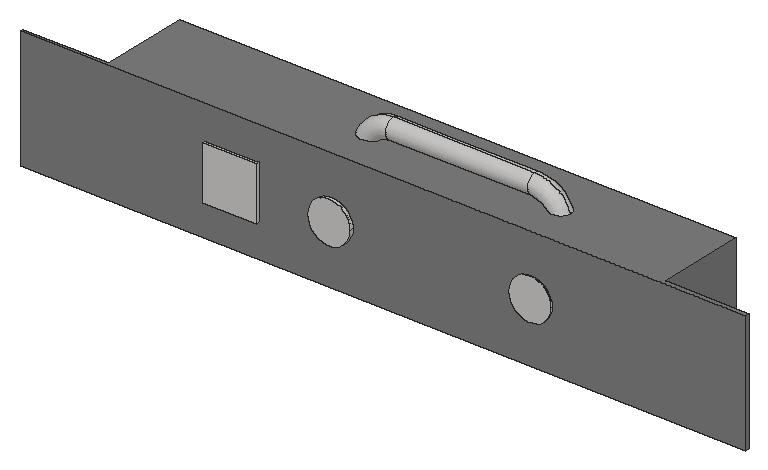
Revit family "2400R", category Generic Models, Revit 2021
Family settings
  Can host rebar = No
  Round Connector Dimension = Use Diameter
  Part Type = Normal
  Work Plane-Based = No
  Always vertical = Yes
  Cut with Voids When Loaded = No
  Shared = No
  Room Calculation Point = No
Parameters (values of type "Standard")
  e-mail = "info@vola.com"
  URL = "http://vola.com"
  Telephone = "+45 7023 5500"
  Quality management standard = "ISO 9001"
  Organisation no. / DUNS no. = "17531328"
  Occupational health and safety management standard = "ISO 18001"
  Mounting Instructions = "http://vola.com/service/producturl.ashx?name=2400R"
  Model = "2400R"
  Materials and components information = "http://vola.com/service/producturl.ashx?name=2400R"
  Manufacturer = "VOLA A/S"
  Maintenance Instructions = "http://vola.com/service/producturl.ashx?name=2400R"
  Guarantee = "2 years"
  Flow = "22,00 l/min"
  Environmental management standard = "ISO 14000"
  Default Elevation = 0.00 mm
  Connection - All relevant connections = ""
  Approvals = "http://vola.com/service/producturl.ashx?name=2400R"
Reference planes
  plane 1 "Center (Front/Back)": y = 0
  plane 2: z = 0
  plane 3 "Center (Left/Right)": x = 0
  plane 4: z = 69.25
  plane 5: y = -73.5
  plane 6: y = -26
Forms (mm)
  Extrusion 1, solid, material "Stainless Steel"
    sketch origin (0, -1, 0.25) x (1, 0, 0) y (0, 0, 1)
      loop
        circle (39, 69) r 16.5
    from 70.5 to 73
  Extrusion 2, solid, material "Stainless Steel"
    sketch origin (1032.5, -3.5, 0.25) x (-1, 0, 0) y (0, 0, -1)
      loop
        line (1092.5, -90) -> (1092.5, -48) -> (1050.5, -48) -> (1050.5, -90) -> (1092.5, -90)
    from 68 to 70.5
  Extrusion 3, solid, material "Default"
    sketch origin (0, -1, 0.25) x (1, 0, 0) y (0, 1, 0)
      loop
        line (-137.5, 1) -> (-137.5, -68) -> (298.5, -68) -> (298.5, 1) -> (-137.5, 1)
    from 21.5 to 116.5
  Extrusion 4, solid, material "Stainless Steel"
    sketch origin (0, -1, 21.75) x (0, 1, 0) y (1, 0, 0)
      loop
        circle (-25, -12) r 14
    from 0 to 21.75
  Extrusion 5, solid, material "Stainless Steel"
    sketch origin (-54, -1, 21.75) x (0, 1, 0) y (1, 0, 0)
      loop
        circle (-25, -12) r 14
    from 0 to 21.75
  Extrusion 6, solid, material "Stainless Steel"
    sketch origin (156, -1, 0.25) x (1, 0, 0) y (0, 0, 1)
      loop
        circle (39, 69) r 16.5
    from 70.5 to 71
  Extrusion 7, solid, material "Default"
    sketch origin (0, 0, 0) x (1, 0, 0) y (0, 1, 0)
      loop
        line (-205, -69) -> (-205, -71.5) -> (363.5, -71.5) -> (363.5, -69) -> (-205, -69)
    from 21.75 to 116.75
  Sweep 8, solid, material "Stainless Steel"
    path origin (0, -39, 138.25) x (-1, 0, 0) y (0, 0, 1)
      loop
        line (-39, -69) -> (-39, -32.81)
        arc (-39, -32.81) -> (-45.59, -16.9) -> (-61.5, -10.31) r 22.5
        line (-61.5, -10.31) -> (-172.5, -10.31)
        arc (-172.5, -10.31) -> (-188.41, -16.9) -> (-195, -32.81) r 22.5
        line (-195, -32.81) -> (-195, -69)
    profile origin (39, -39, 87.345) x (1, 0, 0) y (0, 1, 0)
      loop
        circle (0, 0) r 7.5
  Extrusion 9, void
    sketch origin (0, -1, 116.75) x (0, 1, 0) y (1, 0, 0)
      loop
        line (-55.687, 4.541) -> (-10.687, 4.541) -> (-10.687, 239.541) -> (-55.687, 239.541) -> (-55.687, 4.541)
    from 0 to 80.986
Cuts and joins
  Extrusion 9 cuts Extrusion 7
  joined: Extrusion 3, Extrusion 7
  Extrusion 9 cuts Sweep 8
Lines and regions (mm)
  reference lines
    curve 1: line (-39, -26, 69.25) -> (-39, -123.5, 69.25)
    curve 2: line (39, -26, 69.25) -> (39, -123.5, 69.25)
    curve 3: line (-66, -26, 69.25) -> (-66, -26, -29.75)
    curve 4: line (-12, -26, 69.25) -> (-12, -26, -29.75)
    curve 5: line (195, -26, 69.25) -> (195, -123.5, 69.25)
    curve 6: line (39, -39, 69.25) -> (39, -39, -29.75)
Dimensions and locks
  aligned and locked: plane 2 to level
  aligned and locked: Extrusion 3 to Extrusion 7
  aligned and locked: Extrusion 7 to Extrusion 3
